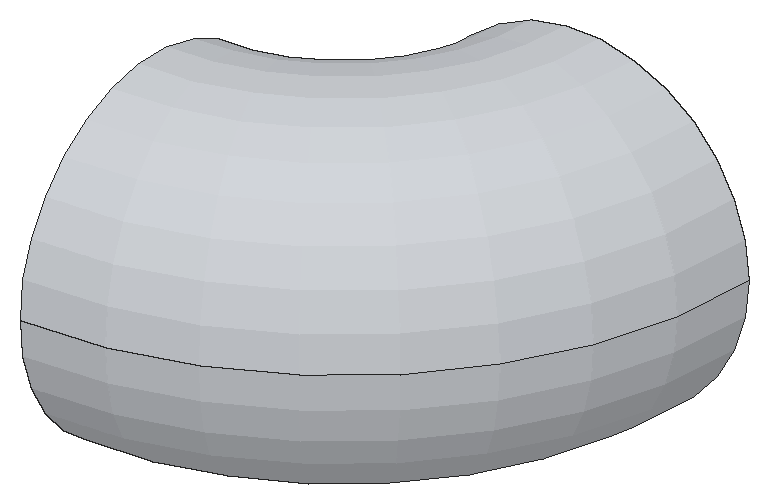
Revit family "M_엘보 - 일반", category 배관 부속류, Revit 2023
Family settings
  원형 커넥터 치수 = 반지름 사용
  부품 유형 = 엘보
  OmniClass 번호 = 23.60.30.11.14
  OmniClass 제목 = Pipework Fittings
  작업 기준면 기반 = 아니오
  항상 수직 = 예
  로드될 때 보이드를 사용하여 절단 = 아니오
  공유 = 아니오
Parameters (values of type "표준")
  손실 방법 = 정의 안 됨
  눈금 크기 [instance] = 장치 외부 지름 * 0.4 * tan(각도 / 2)  # 11.43 mm
  기본 높이 = 0 mm
  공칭 반지름 [instance] = 12.5 mm
  공칭 지름 [instance] = 공칭 반지름 * 2  # 25 mm
  조회 테이블 이름 = "M_Pipe Fitting - Generic"
  장치 외부 반지름 [instance] = 장치 외부 지름 / 2  # 14.288 mm
  장치 외부 지름 [instance] = size_lookup(조회 테이블 이름, "FOD", 공칭 지름 + 3.175 mm, 공칭 지름)  # 28.575 mm
  중심에서 끝 [instance] = 중심 반지름 * tan(각도 / 2)  # 20.637 mm
  중심 반지름 [instance] = 장치 외부 반지름 + 6.35 mm  # 20.638 mm
  각도 [instance] = 90.00°
  K 계수 테이블 = "Regular 45, 90 and 180 Elbow"
Reference planes
  plane 1 "중심(앞/뒤)": y = 0
  plane 2: z = 0
  plane 3 "중심(왼쪽/오른쪽)": x = 0
  plane 4: x = -20.637
  plane 5: y = 20.637
  plane 6: y = 11.43
  plane 7: y = -11.43
Forms (mm)
  Sweep 1, solid, detail levels fine
    path in 3D
      loop
        arc (-20.637, 0, 0) -> (-6.045, 6.045, 0) -> (0, 20.637, 0) r 20.638
    profile origin (-6.045, 6.045, 0) x (-0.707107, 0.707107, 0) y (0, 0, 1)
      loop
        circle (0, 0) r 14.288
Lines and regions (mm)
  reference lines
    curve 1: line (0, 0, 0) -> (0, 22.126, 0)
    curve 2: line (-20.637, 20.637, 0) -> (14.363, 20.637, 0)
    curve 3: line (-11.43, 8.68, 0) -> (-11.43, 23.68, 0)
    curve 4: line (11.43, 17.403, 0) -> (11.43, 29.245, 0)
    curve 5: arc (-20.637, 0, 0) -> (-6.045, 6.045, 0) -> (0, 20.637, 0) r 20.638
  model lines, detail levels coarse+medium
    curve 6: arc (-20.637, 0, 0) -> (-6.045, 6.045, 0) -> (0, 20.637, 0) r 20.638
    curve 7: line (-20.637, 11.43, 0) -> (-20.637, -11.43, 0)
    curve 8: line (-11.43, 20.637, 0) -> (11.43, 20.637, 0)
  sketch lines
    curve 9: arc (-20.637, 0, 0) -> (-6.045, 6.045, 0) -> (0, 20.637, 0) r 20.638
Dimensions and locks
  "중심에서 끝": plane 4 to plane 3 "중심(왼쪽/오른쪽)"
  "중심 반지름": plane 5 to plane 1 "중심(앞/뒤)"
  "눈금 크기": plane 6 to plane 1 "중심(앞/뒤)"
  "눈금 크기": plane 7 to plane 1 "중심(앞/뒤)"
  equal spacing: curve 4, curve 1, curve 3
  "눈금 크기": curve 1 to curve 3
  "중심 반지름": radius of curve 5
  "중심 반지름": radius of curve 6
  "장치 외부 반지름": radius of Sweep 1 sketch curve
  "각도": angle plane 1 "중심(앞/뒤)" to curve 1
  "각도": angle plane 4 to curve 2
  "각도": angle plane 1 "중심(앞/뒤)" to curve 3
  "각도": angle plane 1 "중심(앞/뒤)" to curve 4
  "각도": angle curve 5 to curve 5
  "각도": angle curve 6 to curve 6
  aligned and locked: plane 3 "중심(왼쪽/오른쪽)" to curve 1
  aligned and locked: plane 1 "중심(앞/뒤)" to curve 1
  aligned and locked: plane 4 to curve 2
  aligned and locked: plane 5 to curve 2
  aligned and locked: plane 4 to curve 5  (x2)
  aligned and locked: plane 5 to curve 5
  aligned and locked: plane 4 to curve 6  (x2)
  aligned and locked: plane 5 to curve 6
  aligned and locked: plane 6 to curve 7
  aligned and locked: plane 7 to curve 7
  aligned and locked: curve 7 to plane 4
  aligned and locked: curve 3 to curve 8
  aligned and locked: curve 4 to curve 8
  aligned and locked: curve 2 to curve 8
Automatic sketch dimensions
  curve 4 to curve 2 = 3.235 mm
  curve 1 to curve 3 = 8.68 mm
  Sweep 1 sketch curve to profile plane = 0 mm
  profile plane to Sweep 1 sketch curve = 0 mm
Connectors
  piping at (-20.637, 0, 0), diameter 25, driven by "공칭 반지름", driven by "각도"
    settings: on Sweep 1, index 1, connector inside diameter 25 mm, connector length 0 mm, flow factor 0, pipe flow 0.0 L/s, pressure drop 0.0 Pa, fitting loss kfactor 0, connector angle 90.00°, fixture units 0, engagement length 0 mm, angle of deflection 0.00°, flow configuration 0, flow direction 0, fitting loss method 0, system type 28, joint type 0, gender type 0, connector reference index 2, connector utility 0, adjustable connector no, is connector primary yes, connector description ""
  piping at (0, 20.637, 0), diameter 25, driven by "공칭 반지름", driven by "각도"
    settings: on Sweep 1, index 2, connector inside diameter 25 mm, connector length 0 mm, flow factor 0, pipe flow 0.0 L/s, pressure drop 0.0 Pa, fitting loss kfactor 0, connector angle 90.00°, fixture units 0, engagement length 0 mm, angle of deflection 0.00°, flow configuration 0, flow direction 0, fitting loss method 0, system type 28, joint type 0, gender type 0, connector reference index 1, connector utility 0, adjustable connector no, is connector primary no, connector description ""
